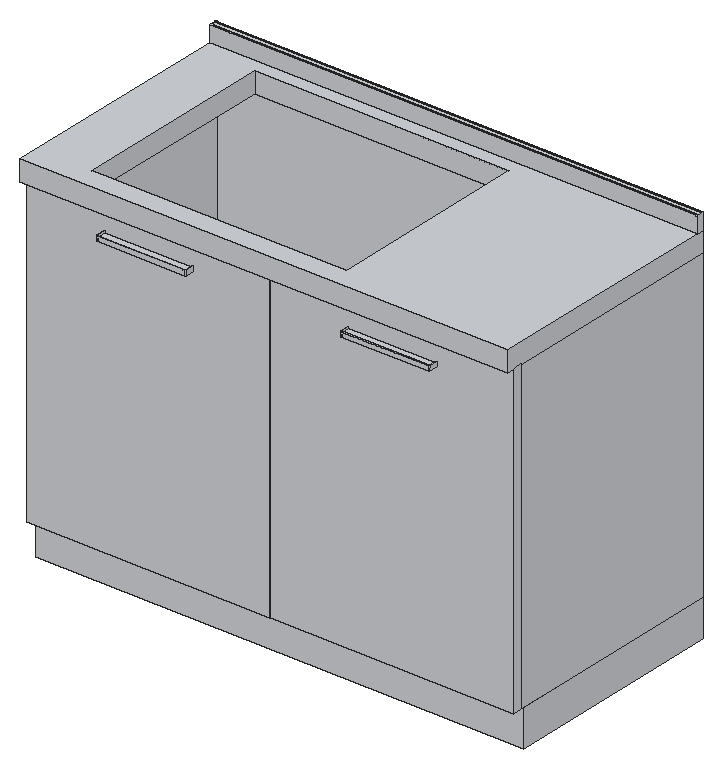
Revit family "Base - Double Door for sink", category 케이스워크, Revit 2026
Family settings
  작업 기준면 기반 = 아니오
  항상 수직 = 예
  로드될 때 보이드를 사용하여 절단 = 아니오
  공유 = 아니오
  룸 계산 점 = 아니오
Parameters (values of type "600 x 1200 x 900mm")
  기본 높이 = 0 mm
  Top Material = none
  Material = none
  Hole Y offset = 49.8 mm
  Hole X offset = 136.5 mm
  Hole Width = 627 mm
  Hole Depth = 500 mm
  Handle Material = none
  깊이 = 600 mm
  높이 = 900 mm
  폭 = 1200 mm
  Assembly Code = ""
Types (3, lengths in mm): name | 폭 | Assembly Code
  (no name) | 1200 | ""
  600 x 900 x 900mm | 900 | "C1030400"
  600 x 1200 x 900mm | 1200 | ""
Reference planes
  plane 1 "Back": y = 0
  plane 2: z = 0
  plane 3 "Center (Left/Right)": x = 44.7
  plane 4 "Front": y = -600
  plane 5 "Left": x = -555.3
  plane 6 "Right": x = 644.7
  plane 7 "Top": z = 900
  plane 8: z = 90
  plane 9: z = 850
Forms (mm)
  Extrusion 1, solid
    sketch origin (0, 0, 0) x (1, 0, 0) y (0, 1, 0)
      loop
        line (-555.3, 0) -> (-555.3, -558) -> (-533.3, -558) -> (-533.3, -22) -> (622.7, -22) -> (622.7, -558) -> (644.7, -558) -> (644.7, 0) -> (-555.3, 0)
    from 90 to 850
  Extrusion 2, solid, material <- "Material"
    sketch origin (0, 0, 0) x (1, 0, 0) y (0, 1, 0)
      loop
        line (-555.3, -580) -> (43.7, -580) -> (43.7, -558) -> (-555.3, -558) -> (-555.3, -580)
      loop
        line (644.7, -580) -> (644.7, -558) -> (45.7, -558) -> (45.7, -580) -> (644.7, -580)
    from 90 to 850
  Extrusion 3, solid, material <- "Top Material"
    sketch origin (0, 0, 900) x (0, -1, 0) y (-1, 0, 0)
      loop
        line (0, 555.3) -> (0, -644.7) -> (600, -644.7) -> (600, 555.3) -> (0, 555.3)
      loop
        line (49.8, 418.8) -> (49.8, -208.2) -> (549.8, -208.2) -> (549.8, 418.8) -> (49.8, 418.8)
    from 0 to 50
  Extrusion 4, solid, material <- "Material"
    sketch origin (0, 0, 900) x (0, -1, 0) y (-1, 0, 0)
      loop
        line (0.534, 555.3) -> (0.534, -644.7) -> (550.534, -644.7) -> (550.534, 555.3) -> (0.534, 555.3)
    from 810 to 900
  Sweep 5, solid, material <- "Top Material"
    path origin (0, 0, 900) x (0, -1, 0) y (1, 0, 0)
      loop
        line (0, 644.7) -> (0, -555.3)
    profile origin (44.7, 0, 0) x (0, -1, 0) y (0, 0, 1)
      loop
        line (0, 900) -> (15, 900) -> (15, 938)
        arc (15, 938) -> (14.414, 939.414) -> (13, 940) r 2
        line (13, 940) -> (1.504, 940) -> (1.504, 942.003) -> (0, 942.003) -> (0, 900)
Dimensions and locks
  "폭": plane 6 "Right" to plane 5 "Left"
  equal spacing: plane 6 "Right", plane 3 "Center (Left/Right)", plane 5 "Left"
  "깊이": plane 4 "Front" to plane 1 "Back"
  "높이": level to plane 7 "Top"
  locked: Extrusion 1 sketch curve to Extrusion 1 sketch curve at 22  (x3)
  locked: plane 8 to level at 90
  locked: plane 7 "Top" to plane 9 at 50
  equal spacing: plane 5 "Left", nested 1, plane 3 "Center (Left/Right)"
  equal spacing: plane 3 "Center (Left/Right)", nested 2, plane 6 "Right"
  "Hole Width": Extrusion 3 sketch curve to Extrusion 3 sketch curve
  "Hole Depth": Extrusion 3 sketch curve to Extrusion 3 sketch curve
  "Hole X offset": Extrusion 3 sketch curve to Extrusion 3 sketch curve
  "Hole Y offset": Extrusion 3 sketch curve to Extrusion 3 sketch curve
  aligned and locked: Extrusion 1 sketch curve to plane 6 "Right"
  aligned and locked: plane 1 "Back" to Extrusion 1 sketch curve
  aligned and locked: plane 5 "Left" to Extrusion 1 sketch curve
  aligned and locked: Extrusion 2 to plane 9
  aligned and locked: Extrusion 1 to plane 9
  aligned and locked: plane 8 to Extrusion 2
  aligned and locked: plane 8 to Extrusion 1
  aligned and locked: Extrusion 4 to Extrusion 1
  aligned and locked: Extrusion 2 to nested 2
Automatic sketch dimensions
  plane 1 "Back" to Extrusion 4 sketch curve = 0.534 mm
  Extrusion 4 sketch curve to plane 5 "Left" = 0 mm
  Extrusion 4 sketch curve to plane 6 "Right" = 0 mm
  Extrusion 4 sketch curve to plane 4 "Front" = 49.466 mm
  Sweep 5 sketch curve to plane 1 "Back" = 0 mm
  Sweep 5 sketch curve to plane 5 "Left" = 0 mm
  Sweep 5 sketch curve to plane 6 "Right" = 0 mm
  Sweep 5 sketch curve to profile plane = 0 mm  (x2)
  Sweep 5 sketch curve to profile plane = 1.504 mm
  Sweep 5 sketch curve to Sweep 5 sketch curve = 11.496 mm
  Sweep 5 sketch curve to profile plane = 15 mm
  profile plane to Sweep 5 sketch curve = 38 mm
  Sweep 5 sketch curve to Sweep 5 sketch curve = 2.003 mm
  Extrusion 1 sketch curve to plane 4 "Front" = 42 mm  (x2)
  Extrusion 2 sketch curve to plane 5 "Left" = 0 mm
  Extrusion 2 sketch curve to plane 6 "Right" = 0 mm
  Extrusion 2 sketch curve to plane 3 "Center (Left/Right)" = 1 mm
  plane 3 "Center (Left/Right)" to Extrusion 2 sketch curve = 1 mm
  Extrusion 2 sketch curve to plane 4 "Front" = 20 mm
  Extrusion 2 sketch curve to Extrusion 2 sketch curve = 0 mm
  Extrusion 2 sketch curve to Extrusion 2 sketch curve = 22 mm  (x2)
  Extrusion 3 sketch curve to plane 1 "Back" = 0 mm
  Extrusion 3 sketch curve to plane 4 "Front" = 0 mm
  Extrusion 3 sketch curve to plane 6 "Right" = 0 mm
  Extrusion 3 sketch curve to plane 5 "Left" = 0 mm
Nested families
  nested 1: "Casework Handle" at (19.577, -603, 787.18), type "220 x 23mm"
  nested 2: "Casework Handle" at (619.577, -603, 787.18), type "220 x 23mm"
Definition of nested family "Casework Handle"
  Parameters
    Default Elevation = 0 mm
    Material = none
  Reference planes
    plane 1 "Center (Front/Back)": y = 0
    plane 2: z = 0
    plane 3 "Center (Left/Right)": x = -274.877
    plane 4: x = -384.877
    plane 5: x = -164.877
    plane 6: y = 23
    plane 7: z = 12
  Forms (mm)
    Sweep 1, solid, material <- "Material"
      path origin (0, 0, 0) x (1, 0, 0) y (0, 1, 0)
        loop
          line (-384.877, 23) -> (-384.877, 2.5)
          arc (-384.877, 2.5) -> (-384.145, 0.732) -> (-382.377, 0) r 2.5
          line (-382.377, 0) -> (-167.377, 0)
          arc (-167.377, 0) -> (-165.609, 0.732) -> (-164.877, 2.5) r 2.5
          line (-164.877, 2.5) -> (-164.877, 23)
      profile origin (0, 12.75, 0) x (1, 0, 0) y (0, 0, 1)
        loop
          line (-384.877, 0) -> (-382.877, 0) -> (-382.877, 12) -> (-384.877, 12) -> (-384.877, 0)
    Extrusion 2, solid, material <- "Material"
      sketch origin (0, 0, 0) x (1, 0, 0) y (0, 1, 0)
        loop
          arc (-382.877, 2.5) -> (-382.731, 2.146) -> (-382.377, 2) r 0.5
          line (-382.377, 2) -> (-167.377, 2)
          arc (-167.377, 2) -> (-167.023, 2.146) -> (-166.877, 2.5) r 0.5
          line (-166.877, 2.5) -> (-166.877, 23) -> (-382.877, 23) -> (-382.877, 2.5)
      from 2.765 to 9.254
  Dimensions and locks
    equal spacing: plane 4, plane 3 "Center (Left/Right)", plane 5
